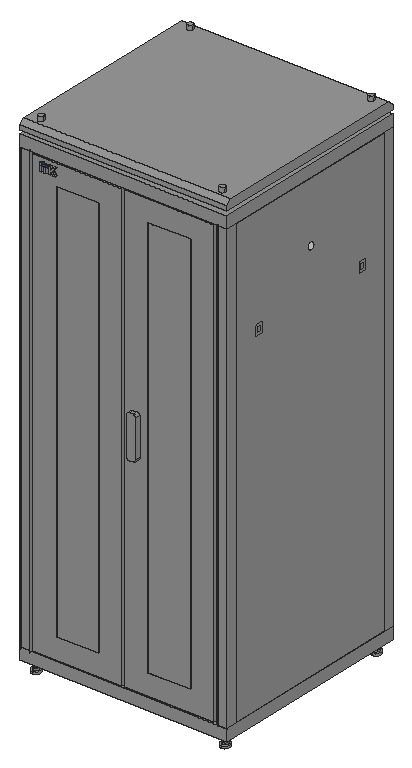
Revit family "ITK_Шкаф сетевой_Напольный_18U-47U", category Электрооборудование, Revit 2019
Family settings
  Размер круглого соединителя = Использовать диаметр
  Тип детали = Другая панель
  На основе рабочей плоскости = Нет
  Всегда вертикально = Да
  При загрузке вырезать с полостями = Нет
  Общий = Нет
  Точка расчета площади = Нет
Parameters (values of type "В1870хШ800хГ800_Серый_2PP")
  Ширина = 800 mm
  Степень защиты = "IP00"
  Ролики = no
  Основание = 43 mm
  Материал стекла (перфорации) = Окраска - RAL 7035 перфорация
  Материал = Окраска - RAL 7035
  Крышка вентиляционная = 50 mm
  Комплект двери_мет_зад_ITK = no
  Комплект двери стеклянной_ITK = no
  Комплект двери перфорированной_ITK = no
  Комплект двери перфорированной распашной_ITK = yes
  Комплект двери перфорированной задней_ITK = yes
  Изготовитель = "ITK"  # constant formula
  Дата изменения = ""
  Глубина = 800 mm
  Высота общая = Высота + Основание  # 1913 mm
  Высота = 1870 mm
  УГО двухдверного шкафа = yes
  Тип монтажа = "Напольный"  # constant formula
  ΔХ [instance] = 2000 mm
  ΔY [instance] = 2000 mm
  URL = "https://www.iek.ru/"
  KSI_CPr_Строительные изделия = "61.1.04.08"  # constant formula
  KSI_CMa_Строительные материалы = "10.03.02.06"  # constant formula
  IEK_Цена за единицу = 47192.04
  IEK_Поиск в таблице имен = ""
  IEK_Описание = "Широкий ассортимент исполнений и габаритов.\r\nСборно-разборная конструкция.\r\nG-образная форма 19\" монтажных профилей.\r\n19\" монтажные профили регулируются по глубине и имеют цифровую маркировку высоты в юнитах.\r\nДоступ к внутреннему пространству шкафа возможен с 4-х сторон.\r\nБоковые стенки съёмные, оснащены замком и защелками.\r\nВсе токопроводящие элементы конструкции имеют шпильки заземления.\r\nДверной замок с трёхточечным запиранием и откидной ручкой.\r\nДверь может легко и быстро перенавешиваться.\r\nЗащитная пленка на стекле у обзорной двери.\r\nВентилируемая дверь имеет 80% перфорации.\r\nХорошая естественная вентиляция, возможность установки дополнительных вентиляторных панелей серии ПВ.\r\nВозможна одновременная установка шкафа на ножки и на ролики.\r\nНаличие большого количества совместимых аксессуаров и комплектующих производства ITK.\r\nВыполнены в соответствии со стандартами IEC62208, IEC60950, ТР ТС 020/2011, ГОСТ 28601.1-90 и 28601.2-90, ГОСТ 14254.\r\nПоставляются в надёжной и прочной деревянной обрешётке."
  IEK_URL = "https://www.itk-group.ru/produktsiya/catalog/oborudovanie_telekommunikatsionnoe/shkafy_telekommunikatsionnye/shkafy_setevye_napolnye/shkafy_serii_linea_n/800x800mm/itk_shkaf_setevoy_napolnyy_19_linea_n_38u_800kh800mm_dvustvorchataya_perforirovannaya_dver_zadnyaya_perforirovannaya_seryy"
  ADSK_Примечание = ""
  ADSK_Позиция [instance] = ""
  ADSK_Наименование = "ITK Шкаф сетевой 19\" LINEA N 24U В1870хШ800хГ800 мм, двустворчатая перфорированная передняя дверь, задняя перфорированная, серый"
  ADSK_Материал обозначение = ""
  ADSK_Материал наименование = "Листовая сталь"  # constant formula
  ADSK_Масса = 142.861
  ADSK_Марка = "LINEA N"  # constant formula
  ADSK_Код изделия = "LN35-38U88-2PP"
  ADSK_Завод-изготовитель = "IEK"  # constant formula
  ADSK_Единица измерения = "шт"  # constant formula
  ADSK_Группирование = "I. ЩИТЫ И ПУЛЬТЫ"  # constant formula
  ADSK_Версия семейства = "1.0"  # constant formula
  ADSK_Версия Revit = "2019"  # constant formula
  ADSK_URL страницы изделия = "https://www.itk-group.ru/produktsiya/catalog/oborudovanie_telekommunikatsionnoe/shkafy_telekommunikatsionnye/shkafy_setevye_napolnye/shkafy_serii_linea_n/800x800mm/?set_filter=y"
Reference planes
  plane 1 "По центру (Вперед/Назад)": y = 0
  plane 2: z = 0
  plane 3 "По центру (Влево/Вправо)": x = 0
  plane 4: y = 400
  plane 5: y = -400
  plane 6: x = -400
  plane 7: x = 400
  plane 8 "Высота ножек": z = 43
  plane 9 "Высота": z = 1913
  plane 10 "Смещение УГО по X": x = -2000
  plane 11 "Смещение УГО по Y": y = 2000
  plane 12: z = 1863
Forms (mm)
  Extrusion 1, solid, detail levels coarse
    sketch origin (0, 0, 0) x (1, 0, 0) y (0, 1, 0)
      loop
        line (-400, 400) -> (-400, -400) -> (400, -400) -> (400, 400) -> (-400, 400)
    from 0 to 1913 <- "Высота общая"
  Extrusion 2, solid, detail levels medium
    sketch origin (0, 0, 0) x (1, 0, 0) y (0, 1, 0)
      loop
        line (-400, 400) -> (-400, -400) -> (400, -400) -> (400, 400) -> (-400, 400)
    from 0 to 1913 <- "Высота общая"
Lines and regions (mm)
  reference lines
    curve 1: line (0, 90, 0) -> (0, -90, 0)
    curve 2: line (-140, 0, 0) -> (100, 0, 0)
Dimensions and locks
  equal spacing: plane 6, plane 3 "По центру (Влево/Вправо)", plane 7
  "Ширина": plane 6 to plane 7
  equal spacing: plane 4, plane 1 "По центру (Вперед/Назад)", plane 5
  "Глубина": plane 4 to plane 5
  "Основание": plane 8 "Высота ножек" to plane 2
  "ΔY": plane 11 "Смещение УГО по Y" to curve 2
  "ΔХ": plane 10 "Смещение УГО по X" to curve 1
  "Высота": plane 9 "Высота" to plane 8 "Высота ножек"
  "Крышка вентиляционная": plane 9 "Высота" to plane 12
  aligned and locked: level to plane 2
  aligned and locked: nested 1 to curve 1
  aligned and locked: nested 1 to curve 2
  aligned and locked: Extrusion 1 sketch curve to plane 4
  aligned and locked: Extrusion 1 sketch curve to plane 6
  aligned and locked: Extrusion 1 sketch curve to plane 7
  aligned and locked: Extrusion 1 sketch curve to plane 5
  aligned and locked: Extrusion 2 sketch curve to plane 6
  aligned and locked: Extrusion 2 sketch curve to plane 7
  aligned and locked: Extrusion 2 sketch curve to plane 4
  aligned and locked: Extrusion 2 sketch curve to plane 5
Automatic sketch dimensions
  curve 2 to plane 3 "По центру (Влево/Вправо)" = 140 mm
  plane 3 "По центру (Влево/Вправо)" to curve 2 = 100 mm
  plane 1 "По центру (Вперед/Назад)" to curve 1 = 90 mm
  curve 1 to plane 1 "По центру (Вперед/Назад)" = 90 mm
Nested families
  nested 1: "УГО_шкафа_ITK" at (0, 0, 0), type "УГО двудверного шкафа", detail levels coarse+medium
  nested 2: "Ножки_ITK" at (0, 0, 0), type "Ножки_ITK", detail levels fine
  nested 3: "Комплект роликов" at (0, 0, 0), visible <- "Ролики", Ширина <- "Ширина", Основание <- "Основание", Глубина <- "Глубина", type "Комплект роликов", detail levels fine
    with Ширина 800 mm, Основание 43 mm, Глубина 800 mm
  nested 4: "Панель боковая_ITK_2шт" at (0, 0, 0), type "Панель боковая_ITK_2шт", detail levels fine
    with Высота общая 1913 mm
  nested 5: "Основание_ITK_2шт" at (0, 0, 0), type "Основание_ITK_2шт", detail levels fine
    with Высота общая 1913 mm
  nested 6: "Крыша вентиляционная_ITK" at (0, 0, 0), type "Крыша вентиляционная_ITK", detail levels fine
    with Высота общая 1913 mm
  nested 7: "Стойка_ITK_комплект 4шт" at (0, 0, 0), type "Стойка_ITK_комплект 4шт", detail levels fine
    with Высота общая 1913 mm
  nested 8: "Комплект двери_мет_зад_ITK" at (0, 0, 0), visible <- "Комплект двери_мет_зад_ITK", type "Комплект двери_мет_зад_ITK", detail levels fine
    with Высота общая 1913 mm
  nested 9: "Комплект двери перфорированной распашной_ITK" at (0, 0, 0), visible <- "Комплект двери перфорированной распашной_ITK", type "Комплект двери перфорированной распашной_ITK", detail levels fine
    with Высота общая 1913 mm
  nested 10: "Комплект двери перфорированной задней_ITK" at (0, -17.5, 0) x (-1, 0, 0) z (0, 0, 1), visible <- "Комплект двери перфорированной задней_ITK", type "Комплект двери перфорированной задней_ITK", detail levels fine
    with Высота общая 1913 mm
  nested 11: "Комплект двери перфорированной_ITK" at (0, 0, 0), visible <- "Комплект двери перфорированной_ITK", type "Комплект двери перфорированной_ITK", detail levels fine
    with Высота общая 1913 mm
  nested 12: "Комплект двери стеклянной_ITK" at (0, 0, 0), visible <- "Комплект двери стеклянной_ITK", type "Комплект двери стеклянной_ITK", detail levels fine
    with Высота общая 1913 mm
Connectors
  electrical at (0, 0, 0)
    settings: on Extrusion 1, index 1, voltage 220 V, apparent load 0 VA, apparent load phase1 1 VA, apparent load phase2 0 VA, apparent load phase3 0 VA, power factor 1, load classification "Прочее", number of poles 1, system type 9, power factor state 1, is connector primary yes, connector utility no, sub classification motor no, connector description ""
Definition of nested family "Ножки_ITK"
  Parameters (values of type "Ножки_ITK")
    Ширина = 800 mm
    Основание = 43 mm
    Глубина = 800 mm
  Reference planes
    plane 1 "По центру (Вперед/Назад)": y = 0
    plane 2: z = 0
    plane 3 "По центру (Влево/Вправо)": x = 0
    plane 4: x = -400
    plane 5: x = 400
    plane 6: y = 400
    plane 7: y = -400
    plane 8: y = 365
    plane 9: y = -365
    plane 10 "Ось ножки-1": x = -365
    plane 11 "Ось ножки-2": x = 365
    plane 12: z = 43
  Forms (mm)
    Revolve 1, solid
      sketch origin (-365, 0, -0.503) x (0, 1, 0) y (0, 0, 1)
        loop
          line (-365, 43.503) -> (-365, 0.503) -> (-351, 0.503) -> (-351, 2) -> (-348, 2) -> (-348, 10)
          arc (-348, 10) -> (-348.586, 11.414) -> (-350, 12) r 2
          line (-350, 12) -> (-354.354, 12) -> (-354.354, 19)
          arc (-354.354, 19) -> (-354.647, 19.707) -> (-355.354, 20) r 1
          line (-355.354, 20) -> (-359, 20) -> (-359, 43.503) -> (-365, 43.503)
        axis (-365, 43.503) -> (-365, 0.503)
      angle from 0 to 360
    Revolve 2, solid
      sketch origin (365, 0, -0.503) x (0, 1, 0) y (0, 0, -1)
        loop
          line (-365, -43.503) -> (-359, -43.503) -> (-359, -20) -> (-355.354, -20)
          arc (-355.354, -20) -> (-354.647, -19.707) -> (-354.354, -19) r 1
          line (-354.354, -19) -> (-354.354, -12) -> (-350, -12)
          arc (-350, -12) -> (-348.586, -11.414) -> (-348, -10) r 2
          line (-348, -10) -> (-348, -2) -> (-351, -2) -> (-351, -0.503) -> (-365, -0.503) -> (-365, -43.503)
        axis (-365, -43.503) -> (-365, -0.503)
      angle from 0 to 360
    Revolve 3, solid
      sketch origin (-365, 0, -0.503) x (0, -1, 0) y (0, 0, -1)
        loop
          line (-365, -43.503) -> (-359, -43.503) -> (-359, -20) -> (-355.354, -20)
          arc (-355.354, -20) -> (-354.647, -19.707) -> (-354.354, -19) r 1
          line (-354.354, -19) -> (-354.354, -12) -> (-350, -12)
          arc (-350, -12) -> (-348.586, -11.414) -> (-348, -10) r 2
          line (-348, -10) -> (-348, -2) -> (-351, -2) -> (-351, -0.503) -> (-365, -0.503) -> (-365, -43.503)
        axis (-365, -43.503) -> (-365, -0.503)
      angle from 0 to 360
    Revolve 4, solid
      sketch origin (365, 0, -0.503) x (0, -1, 0) y (0, 0, 1)
        loop
          line (-365, 43.503) -> (-365, 0.503) -> (-351, 0.503) -> (-351, 2) -> (-348, 2) -> (-348, 10)
          arc (-348, 10) -> (-348.586, 11.414) -> (-350, 12) r 2
          line (-350, 12) -> (-354.354, 12) -> (-354.354, 19)
          arc (-354.354, 19) -> (-354.647, 19.707) -> (-355.354, 20) r 1
          line (-355.354, 20) -> (-359, 20) -> (-359, 43.503) -> (-365, 43.503)
        axis (-365, 43.503) -> (-365, 0.503)
      angle from 0 to 360
  Dimensions and locks
    equal spacing: plane 7, plane 1 "По центру (Вперед/Назад)", plane 6
    equal spacing: plane 4, plane 3 "По центру (Влево/Вправо)", plane 5
    "Ширина": plane 4 to plane 5
    "Глубина": plane 7 to plane 6
    "Основание": plane 12 to plane 2
    locked: plane 6 to plane 8 at 35
    locked: plane 7 to plane 9 at 35
    locked: plane 4 to plane 10 "Ось ножки-1" at 35
    locked: plane 11 "Ось ножки-2" to plane 5 at 35
    aligned and locked: level to plane 2
    aligned and locked: plane 10 "Ось ножки-1" to Revolve 1
    aligned and locked: plane 11 "Ось ножки-2" to Revolve 4
    aligned and locked: plane 11 "Ось ножки-2" to Revolve 2
    aligned and locked: plane 10 "Ось ножки-1" to Revolve 3
    aligned and locked: plane 12 to Revolve 1
    aligned and locked: Revolve 3 to plane 12
    aligned and locked: Revolve 2 to plane 12
    aligned and locked: plane 12 to Revolve 4
  Automatic sketch dimensions
    Revolve 1 sketch curve to plane 9 = 0 mm  (x2)
    level to Revolve 1 sketch curve = 0 mm
    Revolve 1 sketch curve to plane 9 = 6 mm
    Revolve 1 sketch curve to Revolve 1 sketch curve = 3.646 mm
    Revolve 1 sketch curve to Revolve 1 sketch curve = 1 mm
    Revolve 1 sketch curve to Revolve 1 sketch curve = 3.354 mm
    Revolve 1 sketch curve to Revolve 1 sketch curve = 4.354 mm
    Revolve 1 sketch curve to Revolve 1 sketch curve = 2 mm
    level to Revolve 1 sketch curve = 1.497 mm
    Revolve 1 sketch curve to plane 12 = 0 mm
    Revolve 1 sketch curve to level = 305.303 mm
    Revolve 2 sketch curve to plane 9 = 0 mm  (x2)
    level to Revolve 2 sketch curve = 0 mm
    Revolve 2 sketch curve to plane 9 = 6 mm
    Revolve 2 sketch curve to Revolve 2 sketch curve = 3.646 mm
    Revolve 2 sketch curve to Revolve 2 sketch curve = 1 mm
    Revolve 2 sketch curve to Revolve 2 sketch curve = 3.354 mm
    Revolve 2 sketch curve to Revolve 2 sketch curve = 4.354 mm
    Revolve 2 sketch curve to Revolve 2 sketch curve = 2 mm
    Revolve 2 sketch curve to plane 12 = 0 mm
    level to Revolve 2 sketch curve = 1.497 mm
    Revolve 2 sketch curve to level = 305.303 mm
    Revolve 3 sketch curve to plane 8 = 0 mm  (x2)
    level to Revolve 3 sketch curve = 0 mm
    Revolve 3 sketch curve to plane 8 = 6 mm
    Revolve 3 sketch curve to Revolve 3 sketch curve = 3.646 mm
    Revolve 3 sketch curve to Revolve 3 sketch curve = 1 mm
    Revolve 3 sketch curve to Revolve 3 sketch curve = 3.354 mm
    Revolve 3 sketch curve to Revolve 3 sketch curve = 4.354 mm
    Revolve 3 sketch curve to Revolve 3 sketch curve = 2 mm
    Revolve 3 sketch curve to plane 12 = 0 mm
    level to Revolve 3 sketch curve = 1.497 mm
    Revolve 3 sketch curve to level = 305.303 mm
    Revolve 4 sketch curve to plane 8 = 0 mm  (x2)
    level to Revolve 4 sketch curve = 0 mm
    Revolve 4 sketch curve to plane 8 = 6 mm
    Revolve 4 sketch curve to Revolve 4 sketch curve = 3.646 mm
    Revolve 4 sketch curve to Revolve 4 sketch curve = 1 mm
    Revolve 4 sketch curve to Revolve 4 sketch curve = 3.354 mm
    Revolve 4 sketch curve to Revolve 4 sketch curve = 4.354 mm
    Revolve 4 sketch curve to Revolve 4 sketch curve = 2 mm
    level to Revolve 4 sketch curve = 1.497 mm
    Revolve 4 sketch curve to plane 12 = 0 mm
    Revolve 4 sketch curve to level = 305.303 mm
    Revolve 1 sketch curve to Revolve 1 sketch curve = 8 mm
    Revolve 1 sketch curve to Revolve 1 sketch curve = 7 mm
    level to Revolve 2 sketch curve = 19.497 mm
    Revolve 2 sketch curve to Revolve 2 sketch curve = 7 mm
    level to Revolve 3 sketch curve = 19.497 mm
    Revolve 3 sketch curve to Revolve 3 sketch curve = 7 mm
    Revolve 4 sketch curve to Revolve 4 sketch curve = 8 mm
    Revolve 4 sketch curve to Revolve 4 sketch curve = 7 mm
    plane 12 to Revolve 1 sketch curve = 2387.897 mm
    plane 12 to Revolve 2 sketch curve = 2387.897 mm
    plane 12 to Revolve 3 sketch curve = 2387.897 mm
    plane 12 to Revolve 4 sketch curve = 2387.897 mm
Definition of nested family "Комплект роликов"
  Parameters (values of type "Комплект роликов")
    Ширина [instance] = 800 mm
    Основание [instance] = 43 mm
    Глубина [instance] = 800 mm
  Reference planes
    plane 1 "По центру (Вперед/Назад)": y = 0
    plane 2: z = 0
    plane 3 "По центру (Влево/Вправо)": x = 0
    plane 4: x = -400
    plane 5: x = 400
    plane 6: y = 400
    plane 7: y = -400
    plane 8: y = 300
    plane 9: y = -300
    plane 10 "Ось ножки-1": x = -300
    plane 11 "Ось ножки-2": x = 300
    plane 12: z = 43
    plane 13: z = 20
  Forms (mm)
    Revolve 1, solid
      sketch origin (-300, -12, 0) x (0, 1, 0) y (0, 0, 1)
        loop
          line (-300, 0) -> (-290, 0) -> (-290, 15) -> (-300, 15) -> (-310, 15) -> (-310, 0) -> (-300, 0)
        axis (-310, 20) -> (-290, 20)
      angle from 0 to 360
    Extrusion 2, solid
      sketch origin (-300.035, -12, 0) x (1, 0, 0) y (0, 0, 1)
        loop
          line (-35, 43) -> (-19.39, 18.019)
          arc (-19.39, 18.019) -> (-15.758, 14.572) -> (-10.91, 13.318) r 10
          line (-10.91, 13.318) -> (0, 13.318) -> (10.979, 13.318)
          arc (10.979, 13.318) -> (15.828, 14.572) -> (19.46, 18.019) r 10
          line (19.46, 18.019) -> (35.07, 43) -> (-35, 43)
      from 310 to 312
    Extrusion 3, solid
      sketch origin (-300.035, 10, 0) x (1, 0, 0) y (0, 0, 1)
        loop
          line (-35, 43) -> (-19.39, 18.019)
          arc (-19.39, 18.019) -> (-15.758, 14.572) -> (-10.91, 13.318) r 10
          line (-10.91, 13.318) -> (0, 13.318) -> (10.979, 13.318)
          arc (10.979, 13.318) -> (15.828, 14.572) -> (19.46, 18.019) r 10
          line (19.46, 18.019) -> (35.07, 43) -> (-35, 43)
      from 310 to 312
    Revolve 4, solid
      sketch origin (-300, 612, 0) x (0, 1, 0) y (0, 0, 1)
        loop
          line (-300, 0) -> (-290, 0) -> (-290, 15) -> (-300, 15) -> (-310, 15) -> (-310, 0) -> (-300, 0)
        axis (-310, 20) -> (-290, 20)
      angle from 0 to 360
    Extrusion 5, solid
      sketch origin (-268.608, 574, 0) x (1, 0, 0) y (0, 0, 1)
        loop
          line (-66.426, 43) -> (-50.817, 18.019)
          arc (-50.817, 18.019) -> (-47.184, 14.572) -> (-42.336, 13.318) r 10
          line (-42.336, 13.318) -> (-31.426, 13.318) -> (-20.447, 13.318)
          arc (-20.447, 13.318) -> (-15.599, 14.572) -> (-11.966, 18.019) r 10
          line (-11.966, 18.019) -> (3.643, 43) -> (-66.426, 43)
      from 272 to 274
    Extrusion 6, solid
      sketch origin (-300.035, 596, 0) x (1, 0, 0) y (0, 0, 1)
        loop
          line (-35, 43) -> (-19.39, 18.019)
          arc (-19.39, 18.019) -> (-15.758, 14.572) -> (-10.91, 13.318) r 10
          line (-10.91, 13.318) -> (0, 13.318) -> (10.979, 13.318)
          arc (10.979, 13.318) -> (15.828, 14.572) -> (19.46, 18.019) r 10
          line (19.46, 18.019) -> (35.07, 43) -> (-35, 43)
      from 272 to 274
    Revolve 7, solid
      sketch origin (300, 612, 0) x (0, 1, 0) y (0, 0, 1)
        loop
          line (-300, 0) -> (-290, 0) -> (-290, 15) -> (-300, 15) -> (-310, 15) -> (-310, 0) -> (-300, 0)
        axis (-310, 20) -> (-290, 20)
      angle from 0 to 360
    Extrusion 8, solid
      sketch origin (11.392, 574, 0) x (1, 0, 0) y (0, 0, 1)
        loop
          line (253.574, 43) -> (269.183, 18.019)
          arc (269.183, 18.019) -> (272.816, 14.572) -> (277.664, 13.318) r 10
          line (277.664, 13.318) -> (288.574, 13.318) -> (299.553, 13.318)
          arc (299.553, 13.318) -> (304.401, 14.572) -> (308.034, 18.019) r 10
          line (308.034, 18.019) -> (323.643, 43) -> (253.574, 43)
      from 272 to 274
    Extrusion 9, solid
      sketch origin (-20.035, 596, 0) x (1, 0, 0) y (0, 0, 1)
        loop
          line (285, 43) -> (300.61, 18.019)
          arc (300.61, 18.019) -> (304.242, 14.572) -> (309.09, 13.318) r 10
          line (309.09, 13.318) -> (320, 13.318) -> (330.979, 13.318)
          arc (330.979, 13.318) -> (335.828, 14.572) -> (339.46, 18.019) r 10
          line (339.46, 18.019) -> (355.07, 43) -> (285, 43)
      from 272 to 274
    Revolve 10, solid
      sketch origin (300, 338, 0) x (0, 1, 0) y (0, 0, 1)
        loop
          line (-650, 0) -> (-640, 0) -> (-640, 15) -> (-650, 15) -> (-660, 15) -> (-660, 0) -> (-650, 0)
        axis (-660, 20) -> (-640, 20)
      angle from 0 to 360
    Extrusion 11, solid
      sketch origin (11.392, 300, 0) x (1, 0, 0) y (0, 0, 1)
        loop
          line (253.574, 43) -> (269.183, 18.019)
          arc (269.183, 18.019) -> (272.816, 14.572) -> (277.664, 13.318) r 10
          line (277.664, 13.318) -> (288.574, 13.318) -> (299.553, 13.318)
          arc (299.553, 13.318) -> (304.401, 14.572) -> (308.034, 18.019) r 10
          line (308.034, 18.019) -> (323.643, 43) -> (253.574, 43)
      from 622 to 624
    Extrusion 12, solid
      sketch origin (-20.035, 322, 0) x (1, 0, 0) y (0, 0, 1)
        loop
          line (285, 43) -> (300.61, 18.019)
          arc (300.61, 18.019) -> (304.242, 14.572) -> (309.09, 13.318) r 10
          line (309.09, 13.318) -> (320, 13.318) -> (330.979, 13.318)
          arc (330.979, 13.318) -> (335.828, 14.572) -> (339.46, 18.019) r 10
          line (339.46, 18.019) -> (355.07, 43) -> (285, 43)
      from 622 to 624
  Dimensions and locks
    equal spacing: plane 7, plane 1 "По центру (Вперед/Назад)", plane 6
    equal spacing: plane 4, plane 3 "По центру (Влево/Вправо)", plane 5
    "Ширина": plane 4 to plane 5
    "Глубина": plane 7 to plane 6
    "Основание": plane 12 to plane 2
    locked: plane 6 to plane 8 at 100
    locked: plane 7 to plane 9 at 100
    locked: plane 4 to plane 10 "Ось ножки-1" at 100
    locked: plane 11 "Ось ножки-2" to plane 5 at 100
    plane 13 to level = 20 mm
    Extrusion 2 to plane 10 "Ось ножки-1" to Extrusion 2 = 35.035 mm locked, 35.035 mm locked
    locked: Extrusion 3 to plane 9 at 2
    locked: Extrusion 2 to Extrusion 2 at 2
    locked: Extrusion 2 to Extrusion 3 at 20
    locked: Extrusion 5 to plane 8 at 2
    locked: Extrusion 6 to Extrusion 6 at 2
    locked: Extrusion 5 to Extrusion 6 at 20
    locked: Extrusion 9 to Extrusion 9 at 2
    locked: Extrusion 8 to Extrusion 9 at 20  (x2)
    locked: Extrusion 8 to plane 8 at 2
    locked: Extrusion 12 to Extrusion 12 at 2
    locked: Extrusion 11 to Extrusion 12 at 20  (x2)
    locked: Extrusion 11 to Extrusion 11 at 2
    aligned and locked: level to plane 2
    aligned and locked: plane 10 "Ось ножки-1" to Revolve 1
    aligned and locked: Extrusion 2 to Revolve 1
    aligned and locked: Extrusion 5 to Revolve 4
    aligned and locked: plane 10 "Ось ножки-1" to Revolve 4
    aligned and locked: Extrusion 3 to plane 9
    aligned and locked: Revolve 1 to Extrusion 3
    aligned and locked: Extrusion 5 to plane 8
    aligned and locked: Revolve 4 to Extrusion 6
    aligned and locked: Extrusion 8 to Revolve 7
    aligned and locked: Revolve 7 to Extrusion 9
    aligned and locked: plane 11 "Ось ножки-2" to Revolve 7
    aligned and locked: Extrusion 8 to plane 8
    aligned and locked: Extrusion 11 to Revolve 10
    aligned and locked: Revolve 10 to Extrusion 12
    aligned and locked: Extrusion 12 to plane 9
    aligned and locked: plane 11 "Ось ножки-2" to Revolve 10
  Automatic sketch dimensions
    Revolve 1 sketch curve to plane 13 = 0 mm
    Revolve 1 sketch curve to level = 0 mm
    plane 9 to Revolve 1 sketch curve = 22 mm
    Revolve 1 sketch curve to Revolve 1 sketch curve = 10 mm  (x2)
    Revolve 1 sketch curve to plane 13 = 5 mm
    plane 9 to Revolve 1 sketch curve = 2 mm
    plane 7 to Revolve 1 sketch curve = 27.065 mm
    Revolve 1 sketch curve to plane 8 = 39.968 mm
    Extrusion 2 sketch curve to plane 12 = 0 mm
    Extrusion 2 sketch curve to plane 10 "Ось ножки-1" = 35.035 mm
    Extrusion 2 sketch curve to plane 13 = 1.981 mm  (x2)
    Extrusion 2 sketch curve to plane 10 "Ось ножки-1" = 19.425 mm
    plane 13 to Extrusion 2 sketch curve = 3.318 mm  (x2)
    Extrusion 2 sketch curve to Extrusion 2 sketch curve = 8.48 mm
    Extrusion 2 sketch curve to plane 10 "Ось ножки-1" = 0.035 mm
    plane 10 "Ось ножки-1" to Extrusion 2 sketch curve = 10.945 mm
    Extrusion 2 sketch curve to Extrusion 2 sketch curve = 15.61 mm
    Extrusion 3 sketch curve to plane 12 = 0 mm
    Extrusion 3 sketch curve to plane 10 "Ось ножки-1" = 35.035 mm
    Extrusion 3 sketch curve to plane 13 = 1.981 mm  (x2)
    Extrusion 3 sketch curve to plane 10 "Ось ножки-1" = 19.425 mm
    plane 13 to Extrusion 3 sketch curve = 3.318 mm  (x2)
    Extrusion 3 sketch curve to Extrusion 3 sketch curve = 8.48 mm
    Extrusion 3 sketch curve to plane 10 "Ось ножки-1" = 0.035 mm
    plane 10 "Ось ножки-1" to Extrusion 3 sketch curve = 10.945 mm
    Extrusion 3 sketch curve to Extrusion 3 sketch curve = 15.61 mm
    Revolve 4 sketch curve to plane 13 = 0 mm
    Revolve 4 sketch curve to level = 0 mm
    plane 8 to Revolve 4 sketch curve = 2 mm
    Revolve 4 sketch curve to Revolve 4 sketch curve = 10 mm  (x3)
    Revolve 4 sketch curve to plane 13 = 5 mm
    Revolve 4 sketch curve to plane 1 "По центру (Вперед/Назад)" = 7.935 mm
    plane 6 to Revolve 4 sketch curve = 295.032 mm
    Extrusion 5 sketch curve to plane 12 = 0 mm
    Extrusion 5 sketch curve to plane 10 "Ось ножки-1" = 35.035 mm
    Extrusion 5 sketch curve to plane 13 = 1.981 mm  (x2)
    Extrusion 5 sketch curve to plane 10 "Ось ножки-1" = 19.425 mm
    plane 13 to Extrusion 5 sketch curve = 3.318 mm  (x2)
    Extrusion 5 sketch curve to Extrusion 5 sketch curve = 8.48 mm
    Extrusion 5 sketch curve to plane 10 "Ось ножки-1" = 0.035 mm
    plane 10 "Ось ножки-1" to Extrusion 5 sketch curve = 10.945 mm
    Extrusion 5 sketch curve to Extrusion 5 sketch curve = 15.61 mm
    Extrusion 6 sketch curve to plane 12 = 0 mm
    Extrusion 6 sketch curve to plane 10 "Ось ножки-1" = 35.035 mm
    Extrusion 6 sketch curve to plane 13 = 1.981 mm  (x2)
    Extrusion 6 sketch curve to plane 10 "Ось ножки-1" = 19.425 mm
    plane 13 to Extrusion 6 sketch curve = 3.318 mm  (x2)
    Extrusion 6 sketch curve to Extrusion 6 sketch curve = 8.48 mm
    Extrusion 6 sketch curve to plane 10 "Ось ножки-1" = 0.035 mm
    plane 10 "Ось ножки-1" to Extrusion 6 sketch curve = 10.945 mm
    Extrusion 6 sketch curve to Extrusion 6 sketch curve = 15.61 mm
    Revolve 7 sketch curve to plane 13 = 0 mm
    Revolve 7 sketch curve to level = 0 mm
    plane 8 to Revolve 7 sketch curve = 2 mm
    Revolve 7 sketch curve to Revolve 7 sketch curve = 10 mm  (x3)
    Revolve 7 sketch curve to plane 13 = 5 mm
    Revolve 7 sketch curve to plane 1 "По центру (Вперед/Назад)" = 7.935 mm
    plane 6 to Revolve 7 sketch curve = 295.032 mm
    Extrusion 8 sketch curve to plane 12 = 0 mm
    plane 11 "Ось ножки-2" to Extrusion 8 sketch curve = 35.035 mm
    Extrusion 8 sketch curve to plane 13 = 1.981 mm  (x2)
    plane 11 "Ось ножки-2" to Extrusion 8 sketch curve = 19.425 mm
    plane 13 to Extrusion 8 sketch curve = 3.318 mm  (x2)
    Extrusion 8 sketch curve to Extrusion 8 sketch curve = 8.48 mm
    plane 11 "Ось ножки-2" to Extrusion 8 sketch curve = 0.035 mm
    Extrusion 8 sketch curve to plane 11 "Ось ножки-2" = 10.945 mm
    Extrusion 8 sketch curve to Extrusion 8 sketch curve = 15.61 mm
    Extrusion 9 sketch curve to plane 12 = 0 mm
    plane 11 "Ось ножки-2" to Extrusion 9 sketch curve = 35.035 mm
    Extrusion 9 sketch curve to plane 13 = 1.981 mm  (x2)
    plane 11 "Ось ножки-2" to Extrusion 9 sketch curve = 19.425 mm
    plane 13 to Extrusion 9 sketch curve = 3.318 mm  (x2)
    Extrusion 9 sketch curve to Extrusion 9 sketch curve = 8.48 mm
    plane 11 "Ось ножки-2" to Extrusion 9 sketch curve = 0.035 mm
    Extrusion 9 sketch curve to plane 11 "Ось ножки-2" = 10.945 mm
    Extrusion 9 sketch curve to Extrusion 9 sketch curve = 15.61 mm
    Revolve 10 sketch curve to plane 13 = 0 mm
    Revolve 10 sketch curve to level = 0 mm
    plane 9 to Revolve 10 sketch curve = 22 mm
    Revolve 10 sketch curve to Revolve 10 sketch curve = 10 mm  (x2)
    Revolve 10 sketch curve to plane 13 = 5 mm
    plane 9 to Revolve 10 sketch curve = 2 mm
    plane 7 to Revolve 10 sketch curve = 41.065 mm
    plane 6 to Revolve 10 sketch curve = 21.032 mm
    Extrusion 11 sketch curve to plane 12 = 0 mm
    plane 11 "Ось ножки-2" to Extrusion 11 sketch curve = 35.035 mm
    Extrusion 11 sketch curve to plane 13 = 1.981 mm  (x2)
    plane 11 "Ось ножки-2" to Extrusion 11 sketch curve = 19.425 mm
    plane 13 to Extrusion 11 sketch curve = 3.318 mm  (x2)
    Extrusion 11 sketch curve to Extrusion 11 sketch curve = 8.48 mm
    plane 11 "Ось ножки-2" to Extrusion 11 sketch curve = 0.035 mm
    Extrusion 11 sketch curve to plane 11 "Ось ножки-2" = 10.945 mm
    Extrusion 11 sketch curve to Extrusion 11 sketch curve = 15.61 mm
    Extrusion 12 sketch curve to plane 12 = 0 mm
    plane 11 "Ось ножки-2" to Extrusion 12 sketch curve = 35.035 mm
    Extrusion 12 sketch curve to plane 13 = 1.981 mm  (x2)
    plane 11 "Ось ножки-2" to Extrusion 12 sketch curve = 19.425 mm
    plane 13 to Extrusion 12 sketch curve = 3.318 mm  (x2)
    Extrusion 12 sketch curve to Extrusion 12 sketch curve = 8.48 mm
    plane 11 "Ось ножки-2" to Extrusion 12 sketch curve = 0.035 mm
    Extrusion 12 sketch curve to plane 11 "Ось ножки-2" = 10.945 mm
    Extrusion 12 sketch curve to Extrusion 12 sketch curve = 15.61 mm
Definition of nested family "Панель боковая_ITK_2шт"
  Parameters (values of type "Панель боковая_ITK_2шт")
    Ширина = 800 mm
    Основание = 43 mm
    Материал = none
    Крыша вентиляционная = 50 mm
    Глубина = 800 mm
    Высота общая = 1650 mm
  Reference planes
    plane 1 "По центру (Вперед/Назад)": y = 0
    plane 2: z = 0
    plane 3 "По центру (Влево/Вправо)": x = 0
    plane 4: x = -400
    plane 5: x = 400
    plane 6: y = 400
    plane 7: y = -400
    plane 8: y = 360
    plane 9: y = -360
    plane 10: x = -360
    plane 11: x = 360
    plane 12: z = 1555
    plane 13: z = 88
    plane 14: z = 1550
    plane 15: z = 93
    plane 16: z = 43
    plane 17: z = 1600
    plane 18: z = 1650
    plane 19: z = 1114.333
    plane 20: z = 578.667
  Forms (mm)
    Extrusion 1, solid, material <- "Материал"
      sketch origin (0, 0, 0) x (1, 0, 0) y (0, 1, 0)
        loop
          line (-400, 355) -> (-400, -355) -> (-369.98, -355) -> (-369.98, -345) -> (-389.98, -345) -> (-389.98, 345) -> (-370, 345) -> (-370, 355) -> (-400, 355)
        loop
          line (400, 355) -> (369.98, 355) -> (369.98, 345) -> (389.98, 345) -> (389.98, -345) -> (369.98, -345) -> (369.98, -355) -> (400, -355) -> (400, 355)
      from 93 to 1550
  Dimensions and locks
    equal spacing: plane 7, plane 1 "По центру (Вперед/Назад)", plane 6
    equal spacing: plane 4, plane 3 "По центру (Влево/Вправо)", plane 5
    "Ширина": plane 4 to plane 5
    "Глубина": plane 7 to plane 6
    locked: plane 7 to plane 9 at 40
    locked: plane 6 to plane 8 at 40
    locked: plane 11 to plane 5 at 40
    locked: plane 4 to plane 10 at 40
    locked: plane 12 to plane 14 at 5
    locked: plane 15 to plane 13 at 5
    locked: plane 13 to plane 16 at 45
    "Основание": plane 16 to plane 2
    locked: plane 17 to plane 12 at 45
    "Крыша вентиляционная": plane 18 to plane 17
    equal spacing: plane 18, plane 19, plane 20, plane 16
    "Высота общая": plane 18 to plane 2
    locked: plane 14 to nested 1 at 230
    locked: plane 14 to nested 2 at 390
    locked: plane 8 to nested 2 at 98
    locked: nested 3 to plane 9 at 98
    locked: nested 3 to plane 14 at 390
    locked: plane 14 to nested 4 at 230
    locked: plane 14 to nested 5 at 390
    locked: plane 9 to nested 5 at 98
    locked: plane 14 to nested 6 at 390
    locked: nested 6 to plane 8 at 98
    aligned and locked: level to plane 2
    aligned and locked: plane 4 to Extrusion 1 sketch curve
    aligned and locked: Extrusion 1 sketch curve to plane 5
    aligned and locked: plane 14 to Extrusion 1
    aligned and locked: Extrusion 1 to plane 15
    aligned and locked: nested 1 to plane 1 "По центру (Вперед/Назад)"
    aligned and locked: nested 4 to plane 1 "По центру (Вперед/Назад)"
  Automatic sketch dimensions
    plane 4 to Extrusion 1 sketch curve = 10.02 mm
    Extrusion 1 sketch curve to plane 10 = 10 mm
    Extrusion 1 sketch curve to plane 10 = 9.98 mm
    Extrusion 1 sketch curve to plane 11 = 9.98 mm  (x2)
    plane 5 to Extrusion 1 sketch curve = 10.02 mm
    Extrusion 1 sketch curve to plane 9 = 15 mm  (x2)
    Extrusion 1 sketch curve to plane 8 = 15 mm  (x2)
    Extrusion 1 sketch curve to plane 9 = 5 mm  (x2)
    Extrusion 1 sketch curve to plane 8 = 5 mm  (x2)
  Nested families
    nested 1: "Замок_ITK" at (-400, 0, 1320) x (0, 1, 0) z (-1, 0, 0), type "Замок_ITK", detail levels fine
    nested 2: "Замок_защелка_ITK" at (-400, 249.25, 1141.25) x (0, -1, 0) z (-1, 0, 0), type "Замок_защелка_ITK"
    nested 3: "Замок_защелка_ITK" at (-400, -249.25, 1141.25) x (0, 1, 0) z (-1, 0, 0), type "Замок_защелка_ITK"
    nested 4: "Замок_ITK" at (400, 0, 1320) x (0, 1, 0) z (1, 0, 0), type "Замок_ITK"
    nested 5: "Замок_защелка_ITK" at (400, -249.25, 1141.25) x (0, 1, 0) z (1, 0, 0), type "Замок_защелка_ITK"
    nested 6: "Замок_защелка_ITK" at (400, 249.25, 1141.25) x (0, 1, 0) z (1, 0, 0), type "Замок_защелка_ITK"
  Definition of nested family "Замок_ITK"
    Parameters (values of type "Замок_ITK")
      Default Elevation = 1219.2 mm
      Материал = none
    Reference planes
      plane 1 "По центру (Вперед/Назад)": y = 0
      plane 2: z = 0
      plane 3 "По центру (Влево/Вправо)": x = 0
    Forms (mm)
      Extrusion 1, solid
        sketch origin (0, 0, 0) x (1, 0, 0) y (0, 1, 0)
          loop
            line (-1219.2, 1219.2) -> (-1219.2, -1219.2) -> (1219.2, -1219.2) -> (1219.2, 1219.2) -> (-1219.2, 1219.2)
        from 0 to -304.8
      Extrusion 2, solid
        sketch origin (0, 0, 0) x (1, 0, 0) y (0, 1, 0)
          loop
            circle (0, 0) r 11.5
          loop
            line (1, 5.5) -> (-1, 5.5) -> (-1, -8.219) -> (1, -8.219) -> (1, 5.5)
        from 0 to 4
    Dimensions and locks
      aligned and locked: plane 2 to Extrusion 1
      aligned and locked: level to Extrusion 1
  Definition of nested family "Замок_защелка_ITK"
    Parameters (values of type "Замок_защелка_ITK")
      Default Elevation = 1219.2 mm
      Материал = none
    Reference planes
      plane 1 "По центру (Вперед/Назад)": y = 0
      plane 2: z = 0
      plane 3 "По центру (Влево/Вправо)": x = 0
    Forms (mm)
      Extrusion 1, solid
        sketch origin (0, 0, 0) x (1, 0, 0) y (0, 1, 0)
          loop
            line (-1219.2, 1219.2) -> (-1219.2, -1219.2) -> (1219.2, -1219.2) -> (1219.2, 1219.2) -> (-1219.2, 1219.2)
        from 0 to -304.8
      Extrusion 2, solid
        sketch origin (0, 0, 0) x (1, 0, 0) y (0, 1, 0)
          loop
            line (11.75, 18.75) -> (-11.75, 18.75)
            arc (-11.75, 18.75) -> (-12.457, 18.457) -> (-12.75, 17.75) r 1
            line (-12.75, 17.75) -> (-12.75, -17.75)
            arc (-12.75, -17.75) -> (-12.457, -18.457) -> (-11.75, -18.75) r 1
            line (-11.75, -18.75) -> (11.75, -18.75)
            arc (11.75, -18.75) -> (12.457, -18.457) -> (12.75, -17.75) r 1
            line (12.75, -17.75) -> (12.75, 17.75)
            arc (12.75, 17.75) -> (12.457, 18.457) -> (11.75, 18.75) r 1
          loop
            line (9.976, 10.75) -> (-9.976, 10.75) -> (-9.976, -9.743)
            arc (-9.976, -9.743) -> (0, -12.25) -> (9.976, -9.743) r 21.1
            line (9.976, -9.743) -> (9.976, 10.75)
        from 0 to 2
      Extrusion 3, solid
        sketch origin (0, 0, 0) x (1, 0, 0) y (0, 1, 0)
          loop
            arc (-9.976, -9.743) -> (0, -12.25) -> (9.976, -9.743) r 21.1
            line (9.976, -9.743) -> (9.976, 10.75) -> (-9.976, 10.75) -> (-9.976, -9.743)
        from 0 to 1
    Dimensions and locks
      aligned and locked: plane 2 to Extrusion 1
      aligned and locked: level to Extrusion 1
      aligned and locked: Extrusion 3 sketch curve to Extrusion 2  (x4)
Definition of nested family "Основание_ITK_2шт"
  Parameters (values of type "Основание_ITK_2шт")
    Ширина = 800 mm
    Основание = 43 mm
    Материал = none
    Крыша вентиляционная = 50 mm
    Глубина = 800 mm
    Высота общая = 1650 mm
  Reference planes
    plane 1 "По центру (Вперед/Назад)": y = 0
    plane 2: z = 0
    plane 3 "По центру (Влево/Вправо)": x = 0
    plane 4: x = -400
    plane 5: x = 400
    plane 6: y = 400
    plane 7: y = -400
    plane 8: y = 360
    plane 9: y = -360
    plane 10: x = -360
    plane 11: x = 360
    plane 12: z = 1650
    plane 13: z = 88
    plane 14: z = 43
    plane 15: z = 1600
    plane 16: z = 1555
    plane 17: z = 1550
    plane 18: z = 93
  Forms (mm)
    Extrusion 1, solid, material <- "Материал"
      sketch origin (0, 0, 0) x (1, 0, 0) y (0, 0, 1)
        loop
          line (-400, 1600) -> (-400, 1555) -> (400, 1555) -> (400, 1600) -> (-400, 1600)
        loop
          line (-400, 88) -> (-400, 43) -> (400, 43) -> (400, 88) -> (-400, 88)
      from -400 to 400
    Extrusion 2, solid, material <- "Материал"
      sketch origin (-1511.359, -1524, 1555) x (-1, 0, 0) y (0, -1, 0)
        loop
          line (-1871.359, -1869) -> (-1871.359, -1884) -> (-1856.359, -1884) -> (-1856.359, -1914) -> (-1166.359, -1914) -> (-1166.359, -1884) -> (-1151.359, -1884) -> (-1151.359, -1869) -> (-1121.359, -1869) -> (-1121.359, -1179) -> (-1151.359, -1179) -> (-1151.359, -1164) -> (-1166.359, -1164) -> (-1166.359, -1144) -> (-1856.359, -1144) -> (-1856.359, -1164) -> (-1871.359, -1164) -> (-1871.359, -1179) -> (-1901.359, -1179) -> (-1901.359, -1869) -> (-1871.359, -1869)
      from -5 to 0
    Extrusion 3, solid, material <- "Материал"
      sketch origin (-1511.359, -1524, 384.733) x (0, 1, 0) y (1, 0, 0)
        loop
          line (1869, 1871.359) -> (1869, 1901.359) -> (1179, 1901.359) -> (1179, 1871.359) -> (1164, 1871.359) -> (1164, 1856.359) -> (1144, 1856.359) -> (1144, 1166.359) -> (1164, 1166.359) -> (1164, 1151.359) -> (1179, 1151.359) -> (1179, 1121.359) -> (1869, 1121.359) -> (1869, 1151.359) -> (1884, 1151.359) -> (1884, 1166.359) -> (1914, 1166.359) -> (1914, 1856.359) -> (1884, 1856.359) -> (1884, 1871.359) -> (1869, 1871.359)
      from 291.733 to 296.733
  Dimensions and locks
    equal spacing: plane 7, plane 1 "По центру (Вперед/Назад)", plane 6
    equal spacing: plane 4, plane 3 "По центру (Влево/Вправо)", plane 5
    "Ширина": plane 4 to plane 5
    "Глубина": plane 7 to plane 6
    locked: plane 7 to plane 9 at 40
    locked: plane 6 to plane 8 at 40
    locked: plane 11 to plane 5 at 40
    locked: plane 4 to plane 10 at 40
    "Основание": plane 14 to plane 2
    locked: plane 13 to plane 14 at 45
    locked: plane 15 to plane 16 at 45
    "Крыша вентиляционная": plane 12 to plane 15
    locked: plane 16 to plane 17 at 5
    locked: plane 18 to plane 13 at 5
    "Высота общая": plane 12 to plane 2
    aligned and locked: level to plane 2
    aligned and locked: Extrusion 1 sketch curve to plane 15
    aligned and locked: plane 4 to Extrusion 1 sketch curve  (x2)
    aligned and locked: plane 16 to Extrusion 1 sketch curve
    aligned and locked: plane 5 to Extrusion 1 sketch curve  (x2)
    aligned and locked: Extrusion 1 sketch curve to plane 13
    aligned and locked: plane 14 to Extrusion 1 sketch curve
    aligned and locked: plane 6 to Extrusion 1
    aligned and locked: plane 7 to Extrusion 1
    aligned and locked: plane 9 to Extrusion 2 sketch curve
    aligned and locked: Extrusion 2 sketch curve to plane 9
    aligned and locked: Extrusion 2 sketch curve to plane 10
    aligned and locked: plane 11 to Extrusion 2 sketch curve
    aligned and locked: Extrusion 2 sketch curve to plane 11
    aligned and locked: plane 8 to Extrusion 2 sketch curve
    aligned and locked: Extrusion 2 sketch curve to plane 8
    aligned and locked: plane 10 to Extrusion 2 sketch curve
    aligned and locked: plane 16 to Extrusion 2
    aligned and locked: Extrusion 2 to plane 17
    aligned and locked: Extrusion 3 to plane 13
    aligned and locked: plane 18 to Extrusion 3
    aligned and locked: Extrusion 2 sketch curve to Extrusion 3
  Automatic sketch dimensions
    plane 5 to Extrusion 2 sketch curve = 10 mm
    Extrusion 2 sketch curve to Extrusion 2 sketch curve = 15 mm  (x2)
    plane 10 to Extrusion 2 sketch curve = 15 mm  (x2)
    plane 4 to Extrusion 2 sketch curve = 10 mm
    Extrusion 2 sketch curve to plane 6 = 10 mm
    Extrusion 2 sketch curve to plane 8 = 15 mm  (x2)
    Extrusion 2 sketch curve to plane 9 = 15 mm  (x2)
    plane 9 to Extrusion 3 sketch curve = 0 mm  (x2)
    Extrusion 3 sketch curve to plane 11 = 0 mm  (x2)
    Extrusion 3 sketch curve to plane 10 = 0 mm  (x2)
    Extrusion 3 sketch curve to plane 8 = 0 mm  (x2)
    Extrusion 3 sketch curve to plane 7 = 20 mm
    Extrusion 3 sketch curve to plane 9 = 15 mm  (x2)
    Extrusion 3 sketch curve to Extrusion 3 sketch curve = 15 mm  (x3)
    Extrusion 3 sketch curve to plane 8 = 15 mm
    Extrusion 3 sketch curve to plane 6 = 10 mm
    plane 5 to Extrusion 3 sketch curve = 10 mm
    plane 10 to Extrusion 3 sketch curve = 15 mm  (x2)
    plane 4 to Extrusion 3 sketch curve = 10 mm
Definition of nested family "Крыша вентиляционная_ITK"
  Parameters (values of type "Крыша вентиляционная_ITK")
    Ширина = 800 mm
    Основание = 43 mm
    Материал = none
    Крышка вентиляционная = 50 mm
    Глубина = 800 mm
    Высота общая = 1650 mm
  Reference planes
    plane 1 "По центру (Вперед/Назад)": y = 0
    plane 2: z = 0
    plane 3 "По центру (Влево/Вправо)": x = 0
    plane 4: x = -400
    plane 5: x = 400
    plane 6: y = 400
    plane 7: y = -400
    plane 8: y = 360
    plane 9: y = -360
    plane 10: x = -360
    plane 11: x = 360
    plane 12: z = 1650
    plane 13: z = 43
    plane 14: z = 1600
    plane 15: z = 1665
    plane 16: z = 1615
  Forms (mm)
    Extrusion 1, solid, material <- "Материал"
      sketch origin (-1511.359, -1524, 1710) x (-1, 0, 0) y (0, -1, 0)
        loop
          circle (-1861.359, -1884) r 10
        loop
          circle (-1861.359, -1164) r 10
        loop
          circle (-1161.359, -1884) r 10
        loop
          circle (-1161.359, -1164) r 10
      from -110 to -45
    Extrusion 2, solid, material <- "Материал"
      sketch origin (0, 0, 0) x (0, 1, 0) y (0, 0, 1)
        loop
          line (-382.5, 1650) -> (-400, 1632.5) -> (-400, 1615) -> (400, 1615) -> (400, 1632.5) -> (382.5, 1650) -> (-382.5, 1650)
      from -400 to 400
  Cuts and joins
    joined: Extrusion 1, Extrusion 2
  Dimensions and locks
    equal spacing: plane 7, plane 1 "По центру (Вперед/Назад)", plane 6
    equal spacing: plane 4, plane 3 "По центру (Влево/Вправо)", plane 5
    "Ширина": plane 4 to plane 5
    "Глубина": plane 7 to plane 6
    locked: plane 7 to plane 9 at 40
    locked: plane 6 to plane 8 at 40
    locked: plane 11 to plane 5 at 40
    locked: plane 4 to plane 10 at 40
    "Основание": plane 13 to plane 2
    "Крышка вентиляционная": plane 12 to plane 14
    locked: plane 15 to plane 12 at 15
    locked: plane 16 to plane 14 at 15
    equal spacing: plane 12, Extrusion 2 sketch curve, plane 16  (x2)
    "Высота общая": plane 12 to plane 2
    locked: plane 12 to Extrusion 2 sketch curve (angle 45.00°)
    locked: Extrusion 2 sketch curve to plane 12 (angle 45.00°)
    aligned and locked: level to plane 2
    aligned and locked: Extrusion 1 to plane 14
    aligned and locked: plane 15 to Extrusion 1
    aligned and locked: Extrusion 2 sketch curve to plane 12
    aligned and locked: Extrusion 2 sketch curve to plane 7
    aligned and locked: plane 16 to Extrusion 2 sketch curve
    aligned and locked: Extrusion 2 sketch curve to plane 6
    aligned and locked: Extrusion 2 to plane 4
    aligned and locked: Extrusion 2 to plane 5
  Automatic sketch dimensions
    plane 9 to Extrusion 1 sketch curve = 0 mm  (x2)
    Extrusion 1 sketch curve to plane 8 = 0 mm  (x2)
    plane 11 to Extrusion 1 sketch curve = 10 mm  (x2)
    plane 10 to Extrusion 1 sketch curve = 10 mm  (x2)
    radius of Extrusion 1 sketch curve = 10 mm  (x4)
Definition of nested family "Стойка_ITK_комплект 4шт"
  Parameters (values of type "Стойка_ITK_комплект 4шт")
    Ширина = 800 mm
    Основание = 43 mm
    Материал = none
    Крыша вентиляционная = 50 mm
    Глубина = 800 mm
    Высота общая = 1650 mm
  Reference planes
    plane 1 "По центру (Вперед/Назад)": y = 0
    plane 2: z = 0
    plane 3 "По центру (Влево/Вправо)": x = 0
    plane 4: x = -400
    plane 5: x = 400
    plane 6: y = 400
    plane 7: y = -400
    plane 8: y = 360
    plane 9: y = -360
    plane 10: x = -360
    plane 11: x = 360
    plane 12: z = 1560
    plane 13: z = 83
    plane 14: z = 43
    plane 15: z = 1600
    plane 16: z = 1650
  Forms (mm)
    Extrusion 1, solid, material <- "Материал"
      sketch origin (0, 0, 0) x (1, 0, 0) y (0, 1, 0)
        loop
          line (-400, -360) -> (-400, -400) -> (-360, -400) -> (-360, -380) -> (-345, -380) -> (-345, -360) -> (-360, -360) -> (-360, -345) -> (-370, -345) -> (-370, -360) -> (-400, -360)
        loop
          line (400, -360) -> (370, -360) -> (370, -345) -> (360, -345) -> (360, -360) -> (345, -360) -> (345, -380) -> (360, -380) -> (360, -400) -> (400, -400) -> (400, -360)
        loop
          line (400, 360) -> (400, 400) -> (360, 400) -> (360, 370) -> (345, 370) -> (345, 360) -> (360, 360) -> (360, 345) -> (370, 345) -> (370, 360) -> (400, 360)
        loop
          line (-400, 360) -> (-370, 360) -> (-370, 345) -> (-360, 345) -> (-360, 360) -> (-345, 360) -> (-345, 370) -> (-360, 370) -> (-360, 400) -> (-400, 400) -> (-400, 360)
        loop
          line (397, 397) -> (363, 397) -> (363, 367) -> (348, 367) -> (348, 363) -> (363, 363) -> (363, 348) -> (367, 348) -> (367, 363) -> (397, 363) -> (397, 397)
        loop
          line (-363, 397) -> (-397, 397) -> (-397, 363) -> (-367, 363) -> (-367, 348) -> (-363, 348) -> (-363, 363) -> (-348, 363) -> (-348, 367) -> (-363, 367) -> (-363, 397)
        loop
          line (-397, -363) -> (-397, -397) -> (-363, -397) -> (-363, -377) -> (-348, -377) -> (-348, -363) -> (-363, -363) -> (-363, -348) -> (-367, -348) -> (-367, -363) -> (-397, -363)
        loop
          line (363, -397) -> (397, -397) -> (397, -363) -> (367, -363) -> (367, -348) -> (363, -348) -> (363, -363) -> (348, -363) -> (348, -377) -> (363, -377) -> (363, -397)
      from 83 to 1560
  Dimensions and locks
    equal spacing: plane 7, plane 1 "По центру (Вперед/Назад)", plane 6
    equal spacing: plane 4, plane 3 "По центру (Влево/Вправо)", plane 5
    "Ширина": plane 4 to plane 5
    "Глубина": plane 7 to plane 6
    locked: plane 7 to plane 9 at 40
    locked: plane 6 to plane 8 at 40
    locked: plane 11 to plane 5 at 40
    locked: plane 4 to plane 10 at 40
    locked: plane 15 to plane 12 at 40
    "Крыша вентиляционная": plane 16 to plane 15
    locked: plane 13 to plane 14 at 40
    "Основание": plane 14 to plane 2
    "Высота общая": plane 16 to plane 2
    aligned and locked: level to plane 2
    aligned and locked: plane 9 to Extrusion 1 sketch curve
    aligned and locked: plane 4 to Extrusion 1 sketch curve
    aligned and locked: Extrusion 1 sketch curve to plane 7
    aligned and locked: plane 5 to Extrusion 1 sketch curve
    aligned and locked: plane 8 to Extrusion 1 sketch curve  (x2)
    aligned and locked: Extrusion 1 sketch curve to plane 11  (x2)
    aligned and locked: Extrusion 1 sketch curve to plane 6
    aligned and locked: plane 10 to Extrusion 1 sketch curve  (x2)
    aligned and locked: Extrusion 1 sketch curve to plane 8  (x2)
    aligned and locked: plane 6 to Extrusion 1 sketch curve
    aligned and locked: Extrusion 1 sketch curve to plane 4
    aligned and locked: plane 7 to Extrusion 1 sketch curve
    aligned and locked: Extrusion 1 sketch curve to plane 5
    aligned and locked: Extrusion 1 sketch curve to plane 9
    aligned and locked: plane 11 to Extrusion 1 sketch curve
    aligned and locked: plane 12 to Extrusion 1
    aligned and locked: Extrusion 1 to plane 13
  Automatic sketch dimensions
    Extrusion 1 sketch curve to plane 10 = 0 mm  (x2)
    plane 9 to Extrusion 1 sketch curve = 0 mm  (x2)
    Extrusion 1 sketch curve to plane 11 = 0 mm
    plane 4 to Extrusion 1 sketch curve = 3 mm  (x2)
    Extrusion 1 sketch curve to plane 10 = 10 mm  (x2)
    Extrusion 1 sketch curve to Extrusion 1 sketch curve = 3 mm  (x16)
    Extrusion 1 sketch curve to plane 10 = 3 mm  (x4)
    plane 10 to Extrusion 1 sketch curve = 12 mm  (x2)
    Extrusion 1 sketch curve to Extrusion 1 sketch curve = 15 mm  (x2)
    Extrusion 1 sketch curve to plane 11 = 3 mm  (x4)
    Extrusion 1 sketch curve to Extrusion 1 sketch curve = 4 mm  (x4)
    plane 5 to Extrusion 1 sketch curve = 3 mm  (x2)
    Extrusion 1 sketch curve to plane 7 = 3 mm  (x2)
    Extrusion 1 sketch curve to plane 7 = 20 mm  (x2)
    plane 9 to Extrusion 1 sketch curve = 3 mm  (x4)
    Extrusion 1 sketch curve to plane 9 = 12 mm  (x2)
    Extrusion 1 sketch curve to plane 8 = 15 mm  (x2)
    plane 8 to Extrusion 1 sketch curve = 3 mm  (x4)
    Extrusion 1 sketch curve to plane 6 = 3 mm  (x2)
Definition of nested family "Комплект двери_мет_зад_ITK"
  Parameters (values of type "Комплект двери_мет_зад_ITK")
    Ширина = 800 mm
    Основание = 43 mm
    Материал = none
    Крыша вентиляционная = 50 mm
    Глубина = 800 mm
    Высота общая = 1650 mm
  Reference planes
    plane 1 "По центру (Вперед/Назад)": y = 0
    plane 2: z = 0
    plane 3 "По центру (Влево/Вправо)": x = 0
    plane 4: x = -400
    plane 5: x = 400
    plane 6: y = 400
    plane 7: y = -400
    plane 8 "Дверь-4": z = 93
    plane 9: z = 1650
    plane 10: z = 43
    plane 11: z = 846.5
    plane 12: z = 1600
    plane 13 "Дверь-2": z = 1550
    plane 14 "Дверь-1": x = -350
    plane 15 "Дверь-3": x = 350
    plane 16: y = 380
    plane 17 "Ручки-1": x = 318
    plane 18 "Ручки-2": z = 1215
    plane 19 "Ручки-3": z = 428
  Forms (mm)
    Extrusion 1, solid, material <- "Материал", detail levels fine
      sketch origin (0, 0, 0) x (1, 0, 0) y (0, 0, 1)
        loop
          line (350, 93) -> (350, 1550) -> (-350, 1550) -> (-350, 93) -> (350, 93)
      from -400 to -380
  Dimensions and locks
    equal spacing: plane 7, plane 1 "По центру (Вперед/Назад)", plane 6
    equal spacing: plane 4, plane 3 "По центру (Влево/Вправо)", plane 5
    "Ширина": plane 4 to plane 5
    "Глубина": plane 7 to plane 6
    "Основание": plane 10 to plane 2
    equal spacing: plane 9, plane 11, plane 10
    "Высота общая": plane 9 to plane 2
    "Крыша вентиляционная": plane 9 to plane 12
    locked: plane 8 "Дверь-4" to plane 10 at 50
    locked: plane 12 to plane 13 "Дверь-2" at 50
    locked: plane 14 "Дверь-1" to plane 4 at 50
    locked: plane 15 "Дверь-3" to plane 5 at 50
    locked: plane 6 to plane 16 at 20
    locked: plane 17 "Ручки-1" to plane 15 "Дверь-3" at 32
    locked: plane 18 "Ручки-2" to plane 13 "Дверь-2" at 335
    locked: plane 8 "Дверь-4" to plane 19 "Ручки-3" at 335
    aligned and locked: level to plane 2
    aligned and locked: plane 15 "Дверь-3" to Extrusion 1 sketch curve
    aligned and locked: plane 13 "Дверь-2" to Extrusion 1 sketch curve
    aligned and locked: plane 14 "Дверь-1" to Extrusion 1 sketch curve
    aligned and locked: plane 8 "Дверь-4" to Extrusion 1 sketch curve
    aligned and locked: plane 6 to Extrusion 1
    aligned and locked: Extrusion 1 to plane 16
    aligned and locked: plane 18 "Ручки-2" to nested 1
    aligned and locked: nested 1 to plane 17 "Ручки-1"
    aligned and locked: plane 19 "Ручки-3" to nested 2
    aligned and locked: plane 17 "Ручки-1" to nested 2
  Nested families
    nested 1: "Замок_ITK" at (318, 400, 1215) x (1, 0, 0) z (0, 1, 0), type "Замок_ITK"
    nested 2: "Замок_ITK" at (318, 400, 428) x (1, 0, 0) z (0, 1, 0), type "Замок_ITK"
  Definition of nested family "Замок_ITK"
    Parameters (values of type "Замок_ITK")
      Default Elevation = 1219.2 mm
      Материал = none
    Reference planes
      plane 1 "По центру (Вперед/Назад)": y = 0
      plane 2: z = 0
      plane 3 "По центру (Влево/Вправо)": x = 0
    Forms (mm)
      Extrusion 1, solid
        sketch origin (0, 0, 0) x (1, 0, 0) y (0, 1, 0)
          loop
            line (-1219.2, 1219.2) -> (-1219.2, -1219.2) -> (1219.2, -1219.2) -> (1219.2, 1219.2) -> (-1219.2, 1219.2)
        from 0 to -304.8
      Extrusion 2, solid
        sketch origin (0, 0, 0) x (1, 0, 0) y (0, 1, 0)
          loop
            circle (0, 0) r 11.5
          loop
            line (1, 5.5) -> (-1, 5.5) -> (-1, -8.219) -> (1, -8.219) -> (1, 5.5)
        from 0 to 4
    Dimensions and locks
      aligned and locked: plane 2 to Extrusion 1
      aligned and locked: level to Extrusion 1
Definition of nested family "Комплект двери перфорированной распашной_ITK"
  Parameters (values of type "Комплект двери перфорированной распашной_ITK")
    Ширина = 800 mm
    Основание = 43 mm
    Материал стекла (перфорации) = none
    Материал = none
    Крыша вентиляционная = 50 mm
    Глубина = 800 mm
    Высота общая = 1650 mm
  Reference planes
    plane 1 "По центру (Вперед/Назад)": y = 0
    plane 2: z = 0
    plane 3 "По центру (Влево/Вправо)": x = 0
    plane 4: x = -400
    plane 5: x = 400
    plane 6: y = 400
    plane 7: y = -400
    plane 8: y = -380
    plane 9 "Дверь-4": z = 93
    plane 10: z = 1650
    plane 11: z = 43
    plane 12: z = 846.5
    plane 13: x = -300
    plane 14: z = 1600
    plane 15 "Дверь-2": z = 1550
    plane 16 "Дверь-1": x = -350
    plane 17 "Дверь-3": x = 350
    plane 18 "Стекло-1": z = 1468
    plane 19 "Стекло-3": z = 175
    plane 20 "Стекло-4": x = -259
    plane 21 "Стекло-2": x = 259
    plane 22: z = 1535
    plane 23: x = -5
    plane 24: x = 5
    plane 25 "Перфорация-1": x = -96
    plane 26 "Перфорация-2": x = 96
    plane 27 "Ручка": x = 45
  Forms (mm)
    Extrusion 1, solid, material <- "Материал", detail levels fine
      sketch origin (0, 0, 0) x (1, 0, 0) y (0, 0, 1)
        loop
          line (-350, 1550) -> (-350, 93) -> (-5, 93) -> (-5, 1550) -> (-350, 1550)
        loop
          line (350, 1550) -> (5, 1550) -> (5, 93) -> (350, 93) -> (350, 1550)
        loop
          line (-259, 1468) -> (-259, 175) -> (-96, 175) -> (-96, 1468) -> (-259, 1468)
        loop
          line (96, 1468) -> (96, 175) -> (259, 175) -> (259, 1468) -> (96, 1468)
      from 380 to 400
    Extrusion 2, solid, material <- "Материал стекла (перфорации)", detail levels fine
      sketch origin (0, 0, 0) x (1, 0, 0) y (0, 0, 1)
        loop
          line (-259, 175) -> (-96, 175) -> (-96, 1468) -> (-259, 1468) -> (-259, 175)
        loop
          line (259, 1468) -> (96, 1468) -> (96, 175) -> (259, 175) -> (259, 1468)
      from 380 to 400
  Dimensions and locks
    equal spacing: plane 7, plane 1 "По центру (Вперед/Назад)", plane 6
    equal spacing: plane 4, plane 3 "По центру (Влево/Вправо)", plane 5
    "Ширина": plane 4 to plane 5
    "Глубина": plane 7 to plane 6
    locked: plane 7 to plane 8 at 20
    "Основание": plane 11 to plane 2
    equal spacing: plane 10, plane 12, plane 11
    locked: plane 4 to plane 13 at 100
    "Высота общая": plane 10 to plane 2
    "Крыша вентиляционная": plane 10 to plane 14
    locked: plane 9 "Дверь-4" to plane 11 at 50
    locked: plane 14 to plane 15 "Дверь-2" at 50
    locked: plane 16 "Дверь-1" to plane 4 at 50
    locked: plane 17 "Дверь-3" to plane 5 at 50
    locked: plane 15 "Дверь-2" to plane 18 "Стекло-1" at 82
    locked: plane 19 "Стекло-3" to plane 9 "Дверь-4" at 82
    locked: plane 20 "Стекло-4" to plane 16 "Дверь-1" at 91
    locked: plane 17 "Дверь-3" to plane 21 "Стекло-2" at 91
    locked: plane 15 "Дверь-2" to plane 22 at 15
    plane 24 to plane 3 "По центру (Влево/Вправо)" to plane 23 = 5 mm locked, 5 mm locked
    locked: plane 23 to plane 25 "Перфорация-1" at 91
    locked: plane 26 "Перфорация-2" to plane 24 at 91
    locked: plane 27 "Ручка" to plane 24 at 40
    aligned and locked: level to plane 2
    aligned and locked: Extrusion 1 sketch curve to plane 16 "Дверь-1"
    aligned and locked: Extrusion 1 sketch curve to plane 17 "Дверь-3"
    aligned and locked: Extrusion 1 sketch curve to plane 20 "Стекло-4"
    aligned and locked: Extrusion 1 sketch curve to plane 18 "Стекло-1"  (x2)
    aligned and locked: Extrusion 1 sketch curve to plane 21 "Стекло-2"
    aligned and locked: Extrusion 1 sketch curve to plane 19 "Стекло-3"  (x2)
    aligned and locked: plane 7 to Extrusion 1
    aligned and locked: Extrusion 1 to plane 8
    aligned and locked: plane 7 to Extrusion 2
    aligned and locked: Extrusion 2 to plane 8
    aligned and locked: plane 22 to nested 1
    aligned and locked: nested 1 to plane 13
    aligned and locked: nested 2 to plane 12
    aligned and locked: Extrusion 2 sketch curve to plane 26 "Перфорация-2"
    aligned and locked: Extrusion 2 sketch curve to plane 19 "Стекло-3"
    aligned and locked: Extrusion 2 sketch curve to plane 18 "Стекло-1"
    aligned and locked: Extrusion 1 sketch curve to plane 24
    aligned and locked: Extrusion 1 sketch curve to plane 23
    aligned and locked: plane 26 "Перфорация-2" to Extrusion 1 sketch curve
    aligned and locked: Extrusion 1 sketch curve to plane 25 "Перфорация-1"
    aligned and locked: plane 27 "Ручка" to nested 2
  Automatic sketch dimensions
    Extrusion 2 sketch curve to plane 18 "Стекло-1" = 0 mm
    Extrusion 2 sketch curve to plane 20 "Стекло-4" = 0 mm
    Extrusion 2 sketch curve to plane 25 "Перфорация-1" = 0 mm
    Extrusion 2 sketch curve to plane 21 "Стекло-2" = 0 mm
    Extrusion 2 sketch curve to plane 19 "Стекло-3" = 0 mm
    Extrusion 1 sketch curve to plane 15 "Дверь-2" = 0 mm  (x2)
    Extrusion 1 sketch curve to plane 9 "Дверь-4" = 0 mm  (x2)
  Nested families
    nested 1: "Логотип_ITK" at (-292.295, -400, 1505.59) x (1, 0, 0) z (0, -1, 0), type "Логотип_ITK"
    nested 2: "Ручка_ITK" at (45, -400, 846.5) x (1, 0, 0) z (0, -1, 0), type "Ручка_ITK"
  Definition of nested family "Логотип_ITK"
    Parameters (values of type "Логотип_ITK")
      Default Elevation = 1219.2 mm
      Материал = none
    Reference planes
      plane 1 "По центру (Вперед/Назад)": y = 0
      plane 2: z = 0
      plane 3 "По центру (Влево/Вправо)": x = 0
    Forms (mm)
      Extrusion 1, solid
        sketch origin (0, 0, 0) x (1, 0, 0) y (0, 1, 0)
          loop
            line (-1219.2, 1219.2) -> (-1219.2, -1219.2) -> (1219.2, -1219.2) -> (1219.2, 1219.2) -> (-1219.2, 1219.2)
        from 0 to -304.8
      Extrusion 2, solid
        sketch origin (0, 0, 0) x (1, 0, 0) y (0, 1, 0)
          loop
            line (-24.198, 18.809) -> (-24.198, 0) -> (-15.975, 0) -> (-15.975, 18.809) -> (-24.198, 18.809)
          loop
            line (0.039, 18.809) -> (-7.705, 18.809) -> (-7.705, 0) -> (0.039, 0) -> (0.039, 18.809)
          loop
            line (-24.198, 21.431) -> (-15.975, 21.431) -> (-15.975, 29.41) -> (-24.198, 29.41) -> (-24.198, 21.431)
